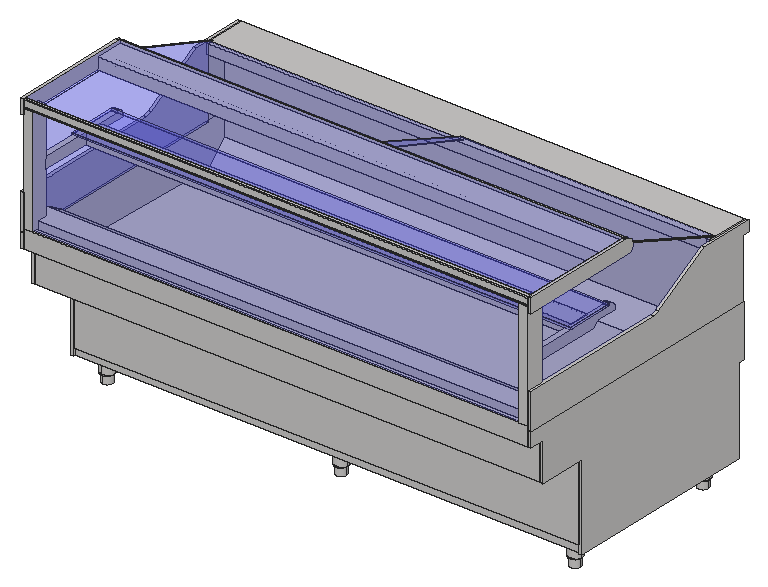
Revit family "Food-Service-Equipment_Oscartek_Dd2106-46H_cat", category Specialty Equipment, Revit 2026
Family settings
  Round Connector Dimension = Use Diameter
  Part Type = Normal
  Classification Number = 23.40.40.11.17
  Work Plane-Based = No
  Enable Cutting in Views = No
  Always vertical = Yes
  Cut with Voids When Loaded = No
  Maintain Annotation Orientation = No
  Shared = No
  Room Calculation Point = No
Parameters
  Width = 83 1/4"  # constant formula
  Weight in Pounds = 749
  Watts = 1085 W
  Waste Water Discharge Temperature [instance] = -459.67 °F
  Volts = 230 V
  URL Cutsheet = "www.oscartek.com"
  URL = "www.oscartek.com"
  Type Mark [instance] = ""
  Type Comments = "As Specified"
  Test Data = "http://www.oscartek.com/company/clients.php"
  Status [instance] = ""
  Specification by User [instance] = ""
  Specification by Manufacturer = ""
  Specification = "https://www.arcat.com/arcatcos/cos48/arc48760.html"
  Show Clearance [instance] = yes
  Serial Number = ""
  Seismic Rating = ""
  Sales Information = "http://www.oscartek.com/company/contact.php"
  SMACNA No = ""
  Revision Code [instance] = ""
  Revision = "R1_2018-10"
  Refrigerant Type [instance] = "R404A"
  Product Data = "http://www.oscartek.com/support/manuals/"
  Plumbing Remarks [instance] = ""
  Plumbing Connection Type [instance] = ""
  Phase = 1
  Omniclass Number and Title = ""
  Number of Poles [instance] = 1
  NAFEM Spec ID Number = ""
  Model = "DD2106-46H"
  Min Ckt Ampacity = 0 A
  Max Overcurrent Protection = 0 A
  Masterspec = ""
  Manufacturer Website = "http://www.oscartek.com/index.php"
  Manufacturer Phone - Toll Free = "855-885-2400"
  Manufacturer Phone = "650-342-2400"
  Manufacturer Fax = "650-342-7400"
  Manufacturer Address = "361 Beach Rd., Burlingame, CA 94010"
  Manufacturer = "OSCARTEK"
  Light Length = Width - 4"  # 79 1/4"
  Item Number [instance] = ""
  Installed By [instance] = ""
  Installation-Fabrication = "http://www.oscartek.com/support/manuals/"
  Indirect Waste Size = 1"  # constant formula
  Indirect Waste Flow [instance] = 0 GPM
  Indirect Waste Connection Type [instance] = ""
  Indirect Waste Connection Height = 0"
  Identify Quantity as Lot [instance] = yes
  HP = ""
  Green Building-LEED = "https://www.arcat.com/green/green_building.shtml"
  Furnished By [instance] = ""
  Foodservice Equipment Identifier [instance] = yes
  FL Amps = 8.2 A
  Electrical Remarks [instance] = ""
  Electric Connection Type [instance] = ""
  Elec Conn RI Height [instance] = 0"
  Elec Conn Connection Height [instance] = 0"
  Drawn By = "Sumex Design, Inc. / Robert S. Weygant, CSI, CDT, SCIP"
  Description = "DIAMOND DELI/PASTRY SHOWCASES"
  Default Elevation = 0"
  Cycle = 50 Hz
  Copyright = "©Arcat Inc."
  Construction Details = "http://www.oscartek.com/support/manuals/"
  Conn Plug = ""
  Conn Conduit = yes
  Category = ""
  CSI MasterFormat = "11 41 13"
  CSI Master Format = "Refrigerated Food Storage Cases"
  Building Codes = "https://www.arcat.com/arcatcos/cos48/arc48760.html"
  Body Finish [instance] = QF_Finishes_Stainless Steel
  Apparent Power = if(Phase = 3, Volts * FL Amps * 1.73, Volts * FL Amps)  # 1886 VA
Reference planes (in)
  plane 1 "BACK": y = 0
  plane 2: z = 0
  plane 3 "LEFT": x = 0
  plane 4 "RIGHT": x = 83.25
  plane 5 "FRONT": y = -44.25
  plane 6 "TOP": z = 45.99999
  plane 7 "Center Y": x = 41.625
  plane 8 "Center X": y = -22.125
  plane 9 "base": z = 17.92856
  plane 10: x = 1
  plane 11: x = 82.25
Forms (in)
  Extrusion 1, solid, material "QF_Finishes_Stainless Steel" <- "Body Finish"
    sketch origin (0, -44.25, 0) x (0, -1, 0) y (0, 0, -1)
      loop
        line (-2.31297, -17.92856) -> (-10.28174, -17.92856) -> (-10.28174, -5.22229) -> (-10.53174, -5.22229) -> (-10.53174, -3.97229) -> (-16.20099, -3.97229) -> (-16.20099, -5.22229) -> (-36.65227, -5.22229) -> (-36.65227, -3.97229) -> (-42.24423, -3.97229) -> (-42.24423, -5.22229) -> (-42.36829, -5.22229) -> (-42.36829, -17.92856) -> (-43.23446, -17.92856) -> (-43.23446, -36.17971) -> (-44.25, -36.17971) -> (-44.25, -37.95445) -> (-37.12476, -37.95445) -> (-37.12476, -36.28911) -> (-40.26039, -36.28911) -> (-40.8759, -35.6736) -> (-40.8759, -22.59092) -> (-37.69392, -19.40894) -> (-7.45443, -20.20633) -> (-7.45443, -26.70633) -> (-4.63984, -28.33133) -> (-0.97833, -28.33133) -> (-0.97833, -27.10344) -> (0, -27.10344) -> (0, -24.10344) -> (-2.31297, -24.10344) -> (-2.31297, -17.92856)
      loop
        line (-0.5528, -44.60986) -> (-0.5528, -46) -> (-0.12856, -46)
        arc (-0.12856, -46) -> (-0.03766, -45.96234) -> (0, -45.87143) r 0.12856
        line (0, -45.87143) -> (0, -44.78387)
        arc (0, -44.78387) -> (-0.05096, -44.66083) -> (-0.174, -44.60986) r 0.174
        line (-0.174, -44.60986) -> (-0.5528, -44.60986)
      loop
        line (-19.5564, -46) -> (-19.5564, -45.59411) -> (-15.11183, -45.59411) -> (-15.11183, -43.67954) -> (-15.61183, -43.67954) -> (-15.61183, -44.92954) -> (-18.0564, -44.92954) -> (-18.0564, -43.67954) -> (-19.5564, -43.67954)
        arc (-19.5564, -43.67954) -> (-20.71663, -44.83977) -> (-19.5564, -46) r 1.16023
    from 0.5 to 82.75
  Extrusion 2, solid, material "QF_Finishes_Stainless Steel" <- "Body Finish"
    sketch origin (0, -44.25, 0) x (0, -1, 0) y (0, 0, -1)
      loop
        line (-2.31297, -17.92856) -> (-10.28174, -17.92856) -> (-10.28174, -3.97229) -> (-42.36829, -3.97229) -> (-42.36829, -17.92856) -> (-43.23446, -17.92856) -> (-43.23446, -26.40315) -> (0, -26.40315) -> (0, -24.10344) -> (-2.31297, -24.10344) -> (-2.31297, -17.92856)
      loop
        line (-35.31011, -37.95445) -> (-26.08517, -32.62843)
        arc (-26.08517, -32.62843) -> (-25.6104, -32.43178) -> (-25.10092, -32.3647) r 1.9685
        line (-25.10092, -32.3647) -> (0, -32.3647) -> (0, -26.52815) -> (-43.22627, -26.52815) -> (-43.22627, -36.17971) -> (-44.25, -36.17971) -> (-44.25, -37.95445) -> (-35.31011, -37.95445)
    from 0 to 0.5
  Extrusion 3, solid, material "QF_Finishes_Stainless Steel" <- "Body Finish"
    sketch origin (0, -44.25, 0) x (0, -1, 0) y (0, 0, -1)
      loop
        line (0, -27.10344) -> (-2.74998, -27.10344) -> (-2.74998, -44.60986) -> (0, -44.60986) -> (0, -27.10344)
    from 0.5 to 2
  Extrusion 4, solid, material "QF_Finishes_Stainless Steel" <- "Body Finish"
    sketch origin (0, -44.25, 0) x (0, -1, 0) y (0, 0, -1)
      loop
        line (0, -46) -> (0, -43.67954) -> (-19.5564, -43.67954)
        arc (-19.5564, -43.67954) -> (-20.71663, -44.83977) -> (-19.5564, -46) r 1.16023
        line (-19.5564, -46) -> (0, -46)
    from 0 to 0.5
  Extrusion 5, solid, material "QF_Finishes_Stainless Steel" <- "Body Finish"
    sketch origin (83.25, 0, 0) x (0, 1, 0) y (0, 0, 1)
      loop
        line (-44.25, 46) -> (-44.25, 43.67954) -> (-24.6936, 43.67954)
        arc (-24.6936, 43.67954) -> (-23.53337, 44.83977) -> (-24.6936, 46) r 1.16023
        line (-24.6936, 46) -> (-44.25, 46)
    from 0 to -0.5
  Extrusion 6, solid, material "QF_Finishes_Stainless Steel" <- "Body Finish"
    sketch origin (44, -44.25, 0) x (0, -1, 0) y (0, 0, -1)
      loop
        line (0, -27.10344) -> (-2.74998, -27.10344) -> (-2.74998, -44.60986) -> (0, -44.60986) -> (0, -27.10344)
    from 38.75 to 37.25
  Extrusion 7, solid, material "Glass"
    sketch origin (0, -44.25, 0) x (1, 0, 0) y (0, 1, 0)
      loop
        line (2, 0) -> (81.25, 0) -> (81.25, 0.2764) -> (2, 0.2764) -> (2, 0)
    from 27.10344 to 44.60986
  Extrusion 8, solid, material "QF_Finishes_Stainless Steel" <- "Body Finish"
    sketch origin (83.25, 0, 0) x (0, 1, 0) y (0, 0, 1)
      loop
        line (-41.93703, 17.92856) -> (-33.96826, 17.92856) -> (-33.96826, 3.97229) -> (-1.88171, 3.97229) -> (-1.88171, 17.92856) -> (-1.01554, 17.92856) -> (-1.01554, 26.40315) -> (-44.25, 26.40315) -> (-44.25, 24.10344) -> (-41.93703, 24.10344) -> (-41.93703, 17.92856)
      loop
        line (-8.93989, 37.95445) -> (-18.16483, 32.62843)
        arc (-18.16483, 32.62843) -> (-18.6396, 32.43178) -> (-19.14908, 32.3647) r 1.9685
        line (-19.14908, 32.3647) -> (-44.25, 32.3647) -> (-44.25, 26.52815) -> (-1.02373, 26.52815) -> (-1.02373, 36.17971) -> (0, 36.17971) -> (0, 37.95445) -> (-8.93989, 37.95445)
    from 0 to -0.5
  Revolve 9, solid, material "QF_Finishes_Stainless Steel"
    sketch origin (3.5, -44.25, 0) x (0, -1, 0) y (0, 0, -1)
      loop
        line (-13.37229, 0) -> (-13.37229, -3.97229) -> (-12.18681, -3.97229) -> (-12.18681, -3.77531) -> (-12.27584, -3.77531) -> (-12.27584, -1.45503)
        arc (-12.27584, -1.45503) -> (-12.32001, -1.34838) -> (-12.42666, -1.30421) r 0.15082
        line (-12.42666, -1.30421) -> (-12.50615, -1.30421) -> (-12.50615, 0) -> (-13.37229, 0)
      axis (-13.37229, -3.97229) -> (-13.37229, 0)
    angle from 0 to 360
  Revolve 10, solid, material "QF_Finishes_Stainless Steel"
    sketch origin (3.5, -18.18706, 0) x (0, -1, 0) y (0, 0, -1)
      loop
        line (-13.37229, 0) -> (-13.37229, -3.97229) -> (-12.18681, -3.97229) -> (-12.18681, -3.77531) -> (-12.27584, -3.77531) -> (-12.27584, -1.45503)
        arc (-12.27584, -1.45503) -> (-12.32001, -1.34838) -> (-12.42666, -1.30421) r 0.15082
        line (-12.42666, -1.30421) -> (-12.50615, -1.30421) -> (-12.50615, 0) -> (-13.37229, 0)
      axis (-13.37229, -3.97229) -> (-13.37229, 0)
    angle from 0 to 360
  Revolve 11, solid, material "QF_Finishes_Stainless Steel"
    sketch origin (53.87229, -30.87771, 0) x (1, 0, 0) y (0, 0, 1)
      loop
        line (25.87771, 0) -> (26.74385, 0) -> (26.74385, 1.30421) -> (26.82334, 1.30421)
        arc (26.82334, 1.30421) -> (26.92999, 1.34838) -> (26.97416, 1.45503) r 0.15082
        line (26.97416, 1.45503) -> (26.97416, 3.77531) -> (27.06319, 3.77531) -> (27.06319, 3.97229) -> (25.87771, 3.97229) -> (25.87771, 0)
      axis (25.87771, 3.97229) -> (25.87771, 0)
    angle from 0 to 360
  Revolve 12, solid, material "QF_Finishes_Stainless Steel"
    sketch origin (53.87229, -4.81477, 0) x (1, 0, 0) y (0, 0, 1)
      loop
        line (25.87771, 0) -> (26.74385, 0) -> (26.74385, 1.30421) -> (26.82334, 1.30421)
        arc (26.82334, 1.30421) -> (26.92999, 1.34838) -> (26.97416, 1.45503) r 0.15082
        line (26.97416, 1.45503) -> (26.97416, 3.77531) -> (27.06319, 3.77531) -> (27.06319, 3.97229) -> (25.87771, 3.97229) -> (25.87771, 0)
      axis (25.87771, 3.97229) -> (25.87771, 0)
    angle from 0 to 360
  Extrusion 13, solid, material "Glass"
    sketch origin (0, -44.25, 0) x (0, -1, 0) y (0, 0, -1)
      loop
        line (-0.5528, -46) -> (-0.5528, -45.59411) -> (-19.5564, -45.59411) -> (-19.5564, -46) -> (-0.5528, -46)
    from 0.5 to 82.75
  Extrusion 14, solid, material "QF_Finishes_Black"
    sketch origin (0, -1.88171, 5.22229) x (0, 0, 1) y (1, 0, 0)
      loop
        line (1.08103, 75.46488) -> (11.08103, 75.46488) -> (11.08103, 76.96488) -> (1.08103, 76.96488) -> (1.08103, 75.46488)
      loop
        line (11.08103, 73.71488) -> (11.08103, 75.21488) -> (1.08103, 75.21488) -> (1.08103, 73.71488) -> (11.08103, 73.71488)
      loop
        line (11.08103, 71.96488) -> (11.08103, 73.46488) -> (1.08103, 73.46488) -> (1.08103, 71.96488) -> (11.08103, 71.96488)
      loop
        line (11.08103, 70.21488) -> (11.08103, 71.71488) -> (1.08103, 71.71488) -> (1.08103, 70.21488) -> (11.08103, 70.21488)
      loop
        line (11.08103, 68.46488) -> (11.08103, 69.96488) -> (1.08103, 69.96488) -> (1.08103, 68.46488) -> (11.08103, 68.46488)
      loop
        line (11.08103, 66.71488) -> (11.08103, 68.21488) -> (1.08103, 68.21488) -> (1.08103, 66.71488) -> (11.08103, 66.71488)
      loop
        line (11.08103, 64.96488) -> (11.08103, 66.46488) -> (1.08103, 66.46488) -> (1.08103, 64.96488) -> (11.08103, 64.96488)
      loop
        line (11.08103, 63.21488) -> (11.08103, 64.71488) -> (1.08103, 64.71488) -> (1.08103, 63.21488) -> (11.08103, 63.21488)
      loop
        line (11.08103, 61.46488) -> (11.08103, 62.96488) -> (1.08103, 62.96488) -> (1.08103, 61.46488) -> (11.08103, 61.46488)
      loop
        line (11.08103, 59.71488) -> (11.08103, 61.21488) -> (1.08103, 61.21488) -> (1.08103, 59.71488) -> (11.08103, 59.71488)
      loop
        line (11.08103, 57.96488) -> (11.08103, 59.46488) -> (1.08103, 59.46488) -> (1.08103, 57.96488) -> (11.08103, 57.96488)
      loop
        line (11.08103, 56.21488) -> (11.08103, 57.71488) -> (1.08103, 57.71488) -> (1.08103, 56.21488) -> (11.08103, 56.21488)
    from 0 to 0.03125
  Extrusion 15, solid, material "QF_Finishes_Door Clearance", visible <- "Show Clearance", detail levels coarse
    sketch origin (0, -44.25, 0) x (0, -1, 0) y (0, 0, -1)
      loop
        line (17.50642, -27.10344) -> (0, -27.10344) -> (0, -44.60986)
        arc (0, -44.60986) -> (12.37891, -39.48235) -> (17.50642, -27.10344) r 17.50642
    from 0.5 to 82.75
  Extrusion 16, solid, material "QF_Finishes_Stainless Steel"
    sketch origin (0, -44.25, 17.92856) x (-1, 0, 0) y (0, -1, 0)
      loop
        circle (-5.75, -36.79348) r 0.5
      loop
        circle (-77.5, -36.79348) r 0.5
    from 0 to -1
  Extrusion 17, solid, material "QF_Finishes_Stainless Steel" <- "Body Finish"
    sketch origin (0, -44.25, 0) x (0, -1, 0) y (0, 0, -1)
      loop
        line (-2.74998, -35.08466) -> (-13.82063, -35.08466)
        arc (-13.82063, -35.08466) -> (-13.97129, -35.11463) -> (-14.09902, -35.19998) r 0.3937
        line (-14.09902, -35.19998) -> (-14.65579, -35.75675)
        arc (-14.65579, -35.75675) -> (-14.78352, -35.8421) -> (-14.93418, -35.87206) r 0.3937
        line (-14.93418, -35.87206) -> (-18.35113, -35.87206)
        arc (-18.35113, -35.87206) -> (-18.18116, -36.72072) -> (-17.49636, -37.25001) r 1.23649
        line (-17.49636, -37.25001) -> (-17.3307, -37.25001) -> (-17.3307, -36.85631) -> (-2.74998, -36.85631) -> (-2.74998, -35.08466)
    from 1 to 2
  Extrusion 18, solid, material "QF_Finishes_Stainless Steel" <- "Body Finish"
    sketch origin (82.25, -180, 44.05288) x (0, 0, -1) y (0, 1, 0)
      loop
        line (8.96822, 138.49998) -> (8.96822, 149.57063)
        arc (8.96822, 149.57063) -> (8.93825, 149.72129) -> (8.85291, 149.84902) r 0.3937
        line (8.85291, 149.84902) -> (8.29613, 150.40579)
        arc (8.29613, 150.40579) -> (8.21079, 150.53352) -> (8.18082, 150.68418) r 0.3937
        line (8.18082, 150.68418) -> (8.18082, 154.10113)
        arc (8.18082, 154.10113) -> (7.33217, 153.93116) -> (6.80287, 153.24636) r 1.23649
        line (6.80287, 153.24636) -> (6.80287, 153.0807) -> (7.19657, 153.0807) -> (7.19657, 138.49998) -> (8.96822, 138.49998)
    from 0 to -1
  Extrusion 19, solid, material "Glass"
    sketch origin (0, -44.25, 0) x (0, -1, 0) y (0, 0, -1)
      loop
        line (-9.24016, -37.25001) -> (-9.24016, -36.85631) -> (-17.31101, -36.85631) -> (-17.31101, -37.25001) -> (-9.24016, -37.25001)
    from 1 to 82.25
  Extrusion 20, solid, material "QF_Finishes_Stainless Steel" <- "Body Finish"
    sketch origin (0, -44.25, 0) x (0, -1, 0) y (0, 0, -1)
      loop
        line (-13.91788, -36.85631) -> (-10.80814, -36.85631) -> (-10.80814, -35.08466) -> (-10.93314, -35.08466) -> (-10.93314, -36.73131) -> (-13.79288, -36.73131) -> (-13.79288, -35.08466) -> (-13.91788, -35.08466) -> (-13.91788, -36.85631)
    from 2 to 81.25
  Extrusion 21, solid, material "QF_Finishes_Stainless Steel"
    sketch origin (-15.125, -1.88171, 5.22229) x (0, 0, 1) y (-1, 0, 0)
      loop
        line (12.70627, -59.6062) -> (11.20627, -59.6062) -> (11.20627, -65.6062) -> (12.70627, -65.6062) -> (12.70627, -59.6062)
    from 0 to -1
  Extrusion 22, solid, material "Glass"
    sketch origin (44, -44.25, 0) x (0, -1, 0) y (0, 0, 1)
      loop
        line (-20.70992, 44.96435) -> (-38.26035, 38.10722) -> (-38.20304, 37.96053) -> (-20.71601, 44.80186)
        arc (-20.71601, 44.80186) -> (-20.71582, 44.88321) -> (-20.70992, 44.96435) r 1.16023
    from -38.75 to 2.875
  Extrusion 23, solid, material "Glass"
    sketch origin (0, -44.25, 0) x (0, -1, 0) y (0, 0, 1)
      loop
        line (-2.74998, 43.67954) -> (-19.5564, 43.67954)
        arc (-19.5564, 43.67954) -> (-20.14761, 43.84147) -> (-20.5738, 44.28206) r 1.16023
        line (-20.5738, 44.28206) -> (-38.07788, 37.95445) -> (-37.12476, 37.95445) -> (-37.12476, 26.42856) -> (-7.45443, 26.42856) -> (-7.45443, 26.70633) -> (-4.63984, 28.33133) -> (-2.74998, 28.33133) -> (-2.74998, 43.67954)
    from -0.5 to -1
  Extrusion 24, solid, material "Glass"
    sketch origin (0, -44.25, 0) x (0, -1, 0) y (0, 0, 1)
      loop
        line (-20.5738, 44.28206) -> (-37.65129, 38.10866) -> (-37.59776, 37.96056) -> (-20.48648, 44.14617)
        arc (-20.48648, 44.14617) -> (-20.53251, 44.2126) -> (-20.5738, 44.28206) r 1.16023
    from -0.5 to -42.125
  Extrusion 25, solid, material "Glass"
    sketch origin (82.25, -180, 44.05288) x (0, 0, -1) y (0, 1, 0)
      loop
        line (0.37334, 138.49998) -> (15.72156, 138.49998) -> (15.72156, 140.38984) -> (17.34656, 143.20443) -> (17.62432, 143.20443) -> (17.62432, 172.87476) -> (6.09843, 172.87476) -> (6.09843, 173.96858) -> (-0.74897, 156.46601)
        arc (-0.74897, 156.46601) -> (0.04682, 156.11329) -> (0.37334, 155.3064) r 1.16023
        line (0.37334, 155.3064) -> (0.37334, 138.49998)
    from 0.5 to 0
  Revolve 26, solid, material "QF_Finishes_Stainless Steel"
    sketch origin (15.74729, -30.87771, 0) x (1, 0, 0) y (0, 0, 1)
      loop
        line (25.87771, 0) -> (26.74385, 0) -> (26.74385, 1.30421) -> (26.82334, 1.30421)
        arc (26.82334, 1.30421) -> (26.92999, 1.34838) -> (26.97416, 1.45503) r 0.15082
        line (26.97416, 1.45503) -> (26.97416, 3.77531) -> (27.06319, 3.77531) -> (27.06319, 3.97229) -> (25.87771, 3.97229) -> (25.87771, 0)
      axis (25.87771, 3.97229) -> (25.87771, 0)
    angle from 0 to 360
  Revolve 27, solid, material "QF_Finishes_Stainless Steel"
    sketch origin (15.74729, -4.81477, 0) x (1, 0, 0) y (0, 0, 1)
      loop
        line (25.87771, 0) -> (26.74385, 0) -> (26.74385, 1.30421) -> (26.82334, 1.30421)
        arc (26.82334, 1.30421) -> (26.92999, 1.34838) -> (26.97416, 1.45503) r 0.15082
        line (26.97416, 1.45503) -> (26.97416, 3.77531) -> (27.06319, 3.77531) -> (27.06319, 3.97229) -> (25.87771, 3.97229) -> (25.87771, 0)
      axis (25.87771, 3.97229) -> (25.87771, 0)
    angle from 0 to 360
Lines and regions (in)
  Split face 1
    outline origin (-15.125, -0.88171, 5.22229) x (0, 0, 1) y (-1, 0, 0)
      loop
        line (12.34422, -60.76577) -> (11.59422, -60.76577) -> (11.59422, -64.76577) -> (12.34422, -64.76577) -> (12.34422, -60.76577)
  symbolic lines
    curve 1: line (0, -44.25, 0) -> (83.25, -44.25, 0)
    curve 2: line (0, 0, 0) -> (0, -44.25, 0)
    curve 3: line (83.25, -44.25, 0) -> (83.25, 0, 0)
    curve 4: line (82.75, 0, 0) -> (82.75, -44.25, 0)
    curve 5: line (0.5, -44.25, 0) -> (0.5, 0, 0)
    curve 6: line (0.5, -6.59871, 0) -> (41.125, -6.59871, 0)
    curve 7: line (41.125, -5.98965, 0) -> (41.125, -23.53337, 0)
    curve 8: line (41.125, -5.98965, 0) -> (82.75, -5.98965, 0)
    curve 9: line (0, -23.53337, 0) -> (83.25, -23.53337, 0)
    curve 10: line (0.5, -24.7561, 0) -> (82.75, -24.7561, 0)
    curve 11: line (0.5, -43.6537, 0) -> (82.75, -43.6537, 0)
    curve 12: line (0, 0, 0) -> (83.25, 0, 0)
  symbolic lines, style "QF-Door Swings"
    curve 13: line (82.75, -61.87838, 0) -> (0.5, -61.87838, 0)
    curve 14: line (0.5, -61.87838, 0) -> (0.5, -44.25, 0)
    curve 15: line (82.75, -44.25, 0) -> (82.75, -61.87838, 0)
  symbolic lines, style "QF-Surface Details"
    curve 16: line (16.48362, -16.5042, 0) -> (19.6656, -13.32221, 0)
    curve 17: line (16.15315, -17.94487, 0) -> (21.1029, -12.99513, 0)
    curve 18: line (17.74583, -17.76641, 0) -> (21.10459, -14.40765, 0)
    curve 19: line (61.11586, -16.5042, 0) -> (64.29784, -13.32221, 0)
    curve 20: line (60.7854, -17.94487, 0) -> (65.73514, -12.99513, 0)
    curve 21: line (62.37808, -17.76641, 0) -> (65.73683, -14.40765, 0)
    curve 22: line (16.48362, -34.5042, 0) -> (19.6656, -31.32221, 0)
    curve 23: line (16.15315, -35.94487, 0) -> (21.1029, -30.99513, 0)
    curve 24: line (17.74583, -35.76641, 0) -> (21.10459, -32.40765, 0)
    curve 25: line (60.91116, -34.5042, 0) -> (64.09314, -31.32221, 0)
    curve 26: line (60.58069, -35.94487, 0) -> (65.53044, -30.99513, 0)
    curve 27: line (62.17337, -35.76641, 0) -> (65.53213, -32.40765, 0)
    curve 28: line (39.48059, -34.5042, 0) -> (42.66257, -31.32221, 0)
    curve 29: line (39.15013, -35.94487, 0) -> (44.09987, -30.99513, 0)
    curve 30: line (40.74281, -35.76641, 0) -> (44.10156, -32.40765, 0)
Dimensions and locks (in)
  equal spacing: plane 3 "LEFT", plane 7 "Center Y", plane 4 "RIGHT"
  "Width": plane 3 "LEFT" to plane 4 "RIGHT"
  equal spacing: plane 5 "FRONT", plane 8 "Center X", plane 1 "BACK"
  plane 5 "FRONT" to plane 1 "BACK" = 44 1/4"
  Extrusion 21 sketch curve to Extrusion 21 sketch curve to plane 4 "RIGHT" = 6" locked, 32.7688" locked
  locked: plane 3 "LEFT" to plane 10 at 1
  locked: plane 4 "RIGHT" to plane 11 at 1
  plane 4 "RIGHT" to Extrusion 6 to Extrusion 6 = 1/2" locked, 1 1/2" locked
  Extrusion 3 to Extrusion 3 to plane 3 "LEFT" = 1 1/2" locked, 1/2" locked
  Extrusion 22 to plane 7 "Center Y" to Extrusion 24 = 1/2" locked, 1/2" locked
  plane 6 "TOP" to level = 46"
  aligned and locked: level to plane 2
  aligned and locked: Extrusion 15 to Extrusion 6
  aligned and locked: Extrusion 6 to Extrusion 22
  aligned and locked: Extrusion 1 to Extrusion 6
  aligned and locked: plane 11 to Extrusion 19
  aligned and locked: Extrusion 6 to Extrusion 13
  aligned and locked: nested 1 to plane 7 "Center Y"
  aligned and locked: nested 2 to plane 7 "Center Y"
  aligned and locked: Extrusion 20 to Extrusion 6
Automatic sketch dimensions
  curve 1 to plane 3 "LEFT" = 0"
  plane 5 "FRONT" to curve 5 = 0"
  plane 1 "BACK" to curve 5 = 0"
  curve 3 to plane 4 "RIGHT" = 0"
  plane 3 "LEFT" to curve 14 = 1/2"
  plane 3 "LEFT" to curve 11 = 1/2"
  curve 8 to plane 7 "Center Y" = 1/2"
  curve 4 to plane 4 "RIGHT" = 1/2"
  curve 15 to curve 4 = 0"
  plane 5 "FRONT" to curve 13 = 17.62838"
  curve 11 to plane 5 "FRONT" = 0.5963"
  curve 10 to plane 8 "Center X" = 2.6311"
  curve 10 to curve 9 = 1.22273"
  curve 6 to curve 5 = 6.59871"
  curve 6 to curve 7 = 0.60905"
  Extrusion 1 sketch curve to plane 1 "BACK" = 0"
  Extrusion 1 sketch curve to plane 9 "base" = 0"  (x2)
  Extrusion 1 sketch curve to plane 5 "FRONT" = 0"  (x2)
  Extrusion 1 sketch curve to Extrusion 1 sketch curve = 1.01554"
  Extrusion 1 sketch curve to Extrusion 1 sketch curve = 0.86617"
  Extrusion 1 sketch curve to Extrusion 1 sketch curve = 0.12406"
  plane 1 "BACK" to Extrusion 1 sketch curve = 3.3741"
  Extrusion 1 sketch curve to Extrusion 1 sketch curve = 0.6155"  (x2)
  plane 9 "base" to Extrusion 1 sketch curve = 1.48038"
  Extrusion 1 sketch curve to Extrusion 1 sketch curve = 3.18198"  (x2)
  Extrusion 1 sketch curve to Extrusion 1 sketch curve = 3.13563"
  Extrusion 1 sketch curve to Extrusion 1 sketch curve = 5.59196"
  Extrusion 1 sketch curve to plane 8 "Center X" = 2.5686"
  Extrusion 1 sketch curve to Extrusion 1 sketch curve = 1 1/2"
  Extrusion 1 sketch curve to plane 8 "Center X" = 5.92401"
  Extrusion 1 sketch curve to Extrusion 1 sketch curve = 2.44457"
  Extrusion 1 sketch curve to Extrusion 1 sketch curve = 1/2"
  Extrusion 1 sketch curve to Extrusion 1 sketch curve = 5.66925"
  Extrusion 1 sketch curve to plane 5 "FRONT" = 10.28174"
  plane 9 "base" to Extrusion 1 sketch curve = 2.27777"
  Extrusion 1 sketch curve to Extrusion 1 sketch curve = 2.82731"
  Extrusion 1 sketch curve to Extrusion 1 sketch curve = 2.81458"
  Extrusion 1 sketch curve to Extrusion 1 sketch curve = 2.31297"
  Extrusion 1 sketch curve to plane 5 "FRONT" = 0.97833"
  Extrusion 1 sketch curve to plane 5 "FRONT" = 0.5528"
  Extrusion 1 sketch curve to plane 5 "FRONT" = 0.174"
  Extrusion 1 sketch curve to plane 5 "FRONT" = 0.12856"
  Extrusion 1 sketch curve to Extrusion 1 sketch curve = 6.17488"
  Extrusion 1 sketch curve to Extrusion 1 sketch curve = 2.60288"
  Extrusion 1 sketch curve to Extrusion 1 sketch curve = 3"
  Extrusion 1 sketch curve to Extrusion 1 sketch curve = 1 5/8"
  Extrusion 1 sketch curve to Extrusion 1 sketch curve = 13.08268"
  Extrusion 1 sketch curve to Extrusion 1 sketch curve = 0.50611"
  Extrusion 1 sketch curve to Extrusion 1 sketch curve = 1.77474"
  Extrusion 1 sketch curve to Extrusion 1 sketch curve = 5.72508"
  Extrusion 1 sketch curve to Extrusion 1 sketch curve = 0"
  Extrusion 1 sketch curve to Extrusion 1 sketch curve = 0.93033"
  Extrusion 1 sketch curve to Extrusion 1 sketch curve = 1.16023"
  Extrusion 1 sketch curve to Extrusion 1 sketch curve = 1 1/4"  (x3)
  Extrusion 1 sketch curve to Extrusion 1 sketch curve = 0.66458"
  Extrusion 1 sketch curve to Extrusion 1 sketch curve = 1.08757"
  level to Extrusion 1 sketch curve = 5.22229"  (x3)
  Extrusion 2 sketch curve to plane 1 "BACK" = 0"
  Extrusion 2 sketch curve to plane 9 "base" = 0"  (x2)
  Extrusion 2 sketch curve to plane 5 "FRONT" = 0"  (x2)
  plane 1 "BACK" to Extrusion 2 sketch curve = 1.01554"
  Extrusion 2 sketch curve to Extrusion 2 sketch curve = 0.00819"
  plane 1 "BACK" to Extrusion 2 sketch curve = 1.88171"
  Extrusion 2 sketch curve to Extrusion 2 sketch curve = 7.91616"
  plane 8 "Center X" to Extrusion 2 sketch curve = 3.96017"
  Extrusion 2 sketch curve to Extrusion 2 sketch curve = 0.98425"
  level to Extrusion 2 sketch curve = 3.97229"
  Extrusion 2 sketch curve to plane 5 "FRONT" = 10.28174"
  Extrusion 2 sketch curve to plane 5 "FRONT" = 2.31297"
  Extrusion 2 sketch curve to Extrusion 2 sketch curve = 6.17488"
  Extrusion 2 sketch curve to Extrusion 2 sketch curve = 2.29971"
  Extrusion 2 sketch curve to Extrusion 2 sketch curve = 1/8"
  Extrusion 2 sketch curve to Extrusion 2 sketch curve = 5.83655"
  Extrusion 2 sketch curve to Extrusion 2 sketch curve = 0.26373"
  Extrusion 2 sketch curve to Extrusion 2 sketch curve = 9.65156"
  Extrusion 2 sketch curve to Extrusion 2 sketch curve = 1.77474"
  Extrusion 3 sketch curve to plane 5 "FRONT" = 0"
  Extrusion 3 sketch curve to plane 5 "FRONT" = 2.74998"
  plane 9 "base" to Extrusion 3 sketch curve = 26.6813"
  plane 9 "base" to Extrusion 3 sketch curve = 9.17488"
  Extrusion 4 sketch curve to plane 5 "FRONT" = 0"
  Extrusion 4 sketch curve to plane 8 "Center X" = 2.5686"
  plane 9 "base" to Extrusion 4 sketch curve = 28.07144"
  Extrusion 4 sketch curve to Extrusion 4 sketch curve = 1.16023"
  Extrusion 5 sketch curve to plane 5 "FRONT" = 0"
  Extrusion 5 sketch curve to plane 8 "Center X" = 2.5686"
  plane 9 "base" to Extrusion 5 sketch curve = 25.75097"
  Extrusion 5 sketch curve to Extrusion 5 sketch curve = 1.16023"
  Extrusion 6 sketch curve to plane 5 "FRONT" = 0"
  Extrusion 6 sketch curve to plane 5 "FRONT" = 2.74998"
  plane 9 "base" to Extrusion 6 sketch curve = 26.6813"
  plane 9 "base" to Extrusion 6 sketch curve = 9.17488"
  plane 5 "FRONT" to Extrusion 7 sketch curve = 0"
  plane 5 "FRONT" to Extrusion 7 sketch curve = 0.2764"
  plane 10 to Extrusion 7 sketch curve = 1"
  plane 11 to Extrusion 7 sketch curve = 1"
  Extrusion 8 sketch curve to plane 5 "FRONT" = 0"  (x2)
  Extrusion 8 sketch curve to plane 9 "base" = 0"  (x2)
  Extrusion 8 sketch curve to plane 1 "BACK" = 0"
  Extrusion 8 sketch curve to plane 5 "FRONT" = 2.31297"
  level to Extrusion 8 sketch curve = 3.97229"
  Extrusion 8 sketch curve to plane 5 "FRONT" = 10.28174"
  plane 8 "Center X" to Extrusion 8 sketch curve = 2.97592"
  Extrusion 8 sketch curve to Extrusion 8 sketch curve = 0.98425"
  Extrusion 8 sketch curve to Extrusion 8 sketch curve = 8.93989"
  plane 1 "BACK" to Extrusion 8 sketch curve = 1.88171"
  plane 1 "BACK" to Extrusion 8 sketch curve = 1.02373"
  Extrusion 8 sketch curve to Extrusion 8 sketch curve = 0.86617"
  plane 9 "base" to Extrusion 8 sketch curve = 6.17488"
  Extrusion 8 sketch curve to Extrusion 8 sketch curve = 2.29971"
  Extrusion 8 sketch curve to Extrusion 8 sketch curve = 1/8"
  plane 9 "base" to Extrusion 8 sketch curve = 14.43614"
  Extrusion 8 sketch curve to Extrusion 8 sketch curve = 0.26373"
  Extrusion 8 sketch curve to Extrusion 8 sketch curve = 9.65156"
  Extrusion 8 sketch curve to Extrusion 8 sketch curve = 1.77474"
  Revolve 9 sketch curve to level = 0"
  Revolve 9 sketch curve to plane 8 "Center X" = 8.75271"
  Revolve 9 sketch curve to Revolve 9 sketch curve = 0"
  Revolve 9 sketch curve to Revolve 9 sketch curve = 0.86614"
  Revolve 9 sketch curve to Revolve 9 sketch curve = 0.07949"
  Revolve 9 sketch curve to Revolve 9 sketch curve = 1.09644"
  Revolve 9 sketch curve to Revolve 9 sketch curve = 0.08904"
  level to Revolve 9 sketch curve = 1.30421"
  Revolve 9 sketch curve to Revolve 9 sketch curve = 1.40035"
  Revolve 9 sketch curve to Revolve 9 sketch curve = 0.91993"
  Revolve 9 sketch curve to Revolve 9 sketch curve = 0.19698"
  Revolve 9 sketch curve to Revolve 9 sketch curve = 0.14462"
  Revolve 10 sketch curve to level = 0"
  plane 1 "BACK" to Revolve 10 sketch curve = 4.81477"
  Revolve 10 sketch curve to Revolve 10 sketch curve = 0"
  Revolve 10 sketch curve to Revolve 10 sketch curve = 0.86614"
  Revolve 10 sketch curve to Revolve 10 sketch curve = 0.07949"
  Revolve 10 sketch curve to Revolve 10 sketch curve = 1.09644"
  Revolve 10 sketch curve to Revolve 10 sketch curve = 0.08904"
  level to Revolve 10 sketch curve = 1.30421"
  Revolve 10 sketch curve to Revolve 10 sketch curve = 1.40035"
  Revolve 10 sketch curve to Revolve 10 sketch curve = 0.91993"
  Revolve 10 sketch curve to Revolve 10 sketch curve = 0.19698"
  Revolve 10 sketch curve to Revolve 10 sketch curve = 0.14462"
  Revolve 11 sketch curve to level = 0"
  Revolve 11 sketch curve to plane 11 = 2 1/2"
  Revolve 11 sketch curve to Revolve 11 sketch curve = 0"
  Revolve 11 sketch curve to Revolve 11 sketch curve = 0.86614"
  Revolve 11 sketch curve to Revolve 11 sketch curve = 0.07949"
  Revolve 11 sketch curve to Revolve 11 sketch curve = 1.09644"
  Revolve 11 sketch curve to Revolve 11 sketch curve = 0.08904"
  Revolve 11 sketch curve to Revolve 11 sketch curve = 0.14462"
  level to Revolve 11 sketch curve = 1.30421"
  Revolve 11 sketch curve to Revolve 11 sketch curve = 1.40035"
  Revolve 11 sketch curve to Revolve 11 sketch curve = 0.91993"
  Revolve 11 sketch curve to Revolve 11 sketch curve = 0.19698"
  Revolve 12 sketch curve to level = 0"
  Revolve 12 sketch curve to plane 11 = 2 1/2"
  Revolve 12 sketch curve to Revolve 12 sketch curve = 0"
  Revolve 12 sketch curve to Revolve 12 sketch curve = 0.86614"
  Revolve 12 sketch curve to Revolve 12 sketch curve = 0.07949"
  Revolve 12 sketch curve to Revolve 12 sketch curve = 1.09644"
  Revolve 12 sketch curve to Revolve 12 sketch curve = 0.08904"
  Revolve 12 sketch curve to Revolve 12 sketch curve = 0.14462"
  level to Revolve 12 sketch curve = 1.30421"
  Revolve 12 sketch curve to Revolve 12 sketch curve = 1.40035"
  Revolve 12 sketch curve to Revolve 12 sketch curve = 0.91993"
  Revolve 12 sketch curve to Revolve 12 sketch curve = 0.19698"
  Extrusion 13 sketch curve to plane 8 "Center X" = 2.5686"
  Extrusion 13 sketch curve to plane 5 "FRONT" = 0.5528"
  plane 9 "base" to Extrusion 13 sketch curve = 28.07144"
  Extrusion 13 sketch curve to Extrusion 13 sketch curve = 0.40588"
  Extrusion 15 sketch curve to plane 5 "FRONT" = 0"
  Extrusion 15 sketch curve to Extrusion 15 sketch curve = 17.50642"
  plane 9 "base" to Extrusion 15 sketch curve = 26.6813"
  Extrusion 16 sketch curve to plane 11 = 4 3/4"
  Extrusion 16 sketch curve to plane 10 = 4 3/4"
  plane 1 "BACK" to Extrusion 16 sketch curve = 7.45652"  (x2)
  Extrusion 17 sketch curve to plane 8 "Center X" = 3.77387"
  Extrusion 17 sketch curve to Extrusion 17 sketch curve = 0.85477"
  Extrusion 17 sketch curve to Extrusion 17 sketch curve = 0.16566"
  Extrusion 17 sketch curve to Extrusion 17 sketch curve = 0.20029"
  Extrusion 17 sketch curve to Extrusion 17 sketch curve = 2.19623"
  Extrusion 17 sketch curve to Extrusion 17 sketch curve = 0.27839"  (x4)
  Extrusion 17 sketch curve to Extrusion 17 sketch curve = 0.55678"
  Extrusion 17 sketch curve to plane 5 "FRONT" = 2.74998"
  plane 9 "base" to Extrusion 17 sketch curve = 19.32145"
  Extrusion 17 sketch curve to Extrusion 17 sketch curve = 0.3937"
  Extrusion 17 sketch curve to Extrusion 17 sketch curve = 0.7874"
  Extrusion 17 sketch curve to Extrusion 17 sketch curve = 0.11531"
  plane 8 "Center X" to Extrusion 18 sketch curve = 4.62864"
  Extrusion 18 sketch curve to plane 9 "base" = 19.32145"
  Extrusion 18 sketch curve to Extrusion 18 sketch curve = 0.3937"  (x2)
  Extrusion 18 sketch curve to Extrusion 18 sketch curve = 0.7874"
  Extrusion 18 sketch curve to Extrusion 18 sketch curve = 0.19685"
  plane 8 "Center X" to Extrusion 18 sketch curve = 7.46921"
  Extrusion 18 sketch curve to Extrusion 18 sketch curve = 0.11531"  (x2)
  Extrusion 18 sketch curve to Extrusion 18 sketch curve = 0.27839"  (x2)
  Extrusion 18 sketch curve to Extrusion 18 sketch curve = 0.85477"
  Extrusion 18 sketch curve to Extrusion 18 sketch curve = 0.16566"
  Extrusion 18 sketch curve to Extrusion 18 sketch curve = 0.55678"
  plane 5 "FRONT" to Extrusion 18 sketch curve = 2.74998"
  Extrusion 19 sketch curve to plane 8 "Center X" = 4.81399"
  Extrusion 19 sketch curve to Extrusion 19 sketch curve = 8.07085"
  plane 9 "base" to Extrusion 19 sketch curve = 19.32145"
  Extrusion 19 sketch curve to Extrusion 19 sketch curve = 0.3937"
  Extrusion 20 sketch curve to plane 8 "Center X" = 8.20712"
  Extrusion 20 sketch curve to Extrusion 20 sketch curve = 1/8"  (x3)
  Extrusion 20 sketch curve to Extrusion 20 sketch curve = 2.85974"
  plane 9 "base" to Extrusion 20 sketch curve = 18.92775"
  Extrusion 20 sketch curve to Extrusion 20 sketch curve = 1.64665"  (x2)
  Extrusion 21 sketch curve to plane 9 "base" = 0"
  Extrusion 21 sketch curve to Extrusion 21 sketch curve = 1 1/2"
  Split face 1 sketch curve to Extrusion 21 = 0.38795"
  Split face 1 sketch curve to Extrusion 21 = 0.36205"
  Split face 1 sketch curve to Extrusion 21 = 0.84043"
  Split face 1 sketch curve to Extrusion 21 = 1.15957"
  plane 1 "BACK" to Extrusion 22 sketch curve = 5.98965"
  Extrusion 22 sketch curve to Extrusion 22 sketch curve = 0.05731"
  Extrusion 22 sketch curve to plane 8 "Center X" = 1.40899"
  Extrusion 22 sketch curve to Extrusion 22 sketch curve = 0.00609"
  Extrusion 22 sketch curve to Extrusion 22 sketch curve = 1.15961"
  plane 9 "base" to Extrusion 22 sketch curve = 20.03197"
  Extrusion 22 sketch curve to Extrusion 22 sketch curve = 0.14668"
  Extrusion 22 sketch curve to Extrusion 22 sketch curve = 0.16249"
  plane 1 "BACK" to Extrusion 23 sketch curve = 6.17212"
  Extrusion 23 sketch curve to Extrusion 23 sketch curve = 61/64"
  Extrusion 23 sketch curve to plane 8 "Center X" = 1.5512"
  Extrusion 23 sketch curve to Extrusion 23 sketch curve = 1.0174"
  Extrusion 23 sketch curve to plane 5 "FRONT" = 7.45443"
  Extrusion 23 sketch curve to Extrusion 23 sketch curve = 2.81458"
  Extrusion 23 sketch curve to plane 5 "FRONT" = 2.74998"
  plane 9 "base" to Extrusion 23 sketch curve = 8 1/2"
  Extrusion 23 sketch curve to Extrusion 23 sketch curve = 0.27777"
  Extrusion 23 sketch curve to Extrusion 23 sketch curve = 1 5/8"
  Extrusion 23 sketch curve to Extrusion 23 sketch curve = 11.52589"
  Extrusion 23 sketch curve to Extrusion 23 sketch curve = 15.34821"
  Extrusion 23 sketch curve to Extrusion 23 sketch curve = 0.60253"
  plane 1 "BACK" to Extrusion 24 sketch curve = 6.59871"
  Extrusion 24 sketch curve to Extrusion 24 sketch curve = 0.05354"
  Extrusion 24 sketch curve to plane 8 "Center X" = 1.5512"
  Extrusion 24 sketch curve to Extrusion 24 sketch curve = 0.08731"
  Extrusion 24 sketch curve to Extrusion 24 sketch curve = 0.93009"
  plane 9 "base" to Extrusion 24 sketch curve = 20.032"
  Extrusion 24 sketch curve to Extrusion 24 sketch curve = 0.1481"
  plane 8 "Center X" to Extrusion 25 sketch curve = 2.5686"
  Extrusion 25 sketch curve to plane 9 "base" = 26.91121"
  Extrusion 25 sketch curve to Extrusion 25 sketch curve = 0.03791"
  Extrusion 25 sketch curve to Extrusion 25 sketch curve = 1.16023"
  Extrusion 25 sketch curve to plane 1 "BACK" = 6.03142"
  Extrusion 25 sketch curve to Extrusion 25 sketch curve = 6.8474"
  plane 5 "FRONT" to Extrusion 25 sketch curve = 2.74998"
  Extrusion 25 sketch curve to plane 9 "base" = 10.40277"
  Extrusion 25 sketch curve to Extrusion 25 sketch curve = 1 5/8"
  Extrusion 25 sketch curve to plane 9 "base" = 8 1/2"
  Extrusion 25 sketch curve to Extrusion 25 sketch curve = 1.09382"
  Extrusion 25 sketch curve to Extrusion 25 sketch curve = 4.70445"
  Extrusion 25 sketch curve to Extrusion 25 sketch curve = 1.88987"
  Revolve 26 sketch curve to level = 0"
  Revolve 26 sketch curve to plane 7 "Center Y" = 0"  (x2)
  plane 7 "Center Y" to Revolve 26 sketch curve = 0.86614"
  Revolve 26 sketch curve to Revolve 26 sketch curve = 0.07949"
  plane 7 "Center Y" to Revolve 26 sketch curve = 1.09644"
  Revolve 26 sketch curve to Revolve 26 sketch curve = 0.08904"
  Revolve 26 sketch curve to Revolve 26 sketch curve = 0.14462"
  level to Revolve 26 sketch curve = 1.30421"
  Revolve 26 sketch curve to Revolve 26 sketch curve = 1.40035"
  Revolve 26 sketch curve to Revolve 26 sketch curve = 0.91993"
  Revolve 26 sketch curve to Revolve 26 sketch curve = 0.19698"
  Revolve 27 sketch curve to level = 0"
  Revolve 27 sketch curve to plane 7 "Center Y" = 0"  (x2)
  plane 7 "Center Y" to Revolve 27 sketch curve = 0.86614"
  Revolve 27 sketch curve to Revolve 27 sketch curve = 0.07949"
  plane 7 "Center Y" to Revolve 27 sketch curve = 1.09644"
  Revolve 27 sketch curve to Revolve 27 sketch curve = 0.08904"
  Revolve 27 sketch curve to level = 0.14462"
  Revolve 27 sketch curve to Revolve 27 sketch curve = 1.30421"
  Revolve 27 sketch curve to Revolve 27 sketch curve = 1.40035"
  Revolve 27 sketch curve to Revolve 27 sketch curve = 0.91993"
  Revolve 27 sketch curve to Revolve 27 sketch curve = 0.19698"
  Extrusion 14 sketch curve to Extrusion 1 = 1.08103"  (x12)
  Extrusion 1 to Extrusion 14 sketch curve = 1.62523"  (x11)
  Extrusion 1 to Extrusion 14 sketch curve = 7.28512"
  Extrusion 14 sketch curve to Extrusion 14 sketch curve = 1 1/2"  (x12)
  Extrusion 14 sketch curve to Extrusion 14 sketch curve = 0"
  Extrusion 14 sketch curve to Extrusion 14 sketch curve = 1/4"  (x11)
  plane 8 "Center X" to curve 17 = 4.18013"
  curve 17 to plane 10 = 15.15315"
  curve 23 to plane 10 = 15.15315"
  plane 8 "Center X" to curve 16 = 5.6208"
  curve 17 to curve 16 = 0.33047"
  curve 23 to curve 22 = 0.33047"
  plane 8 "Center X" to curve 18 = 4.35859"
  curve 17 to curve 18 = 1.59268"
  curve 23 to curve 24 = 1.59268"
  curve 22 to plane 8 "Center X" = 9.19721"
  curve 22 to curve 22 = 3.18198"
  plane 8 "Center X" to curve 16 = 8.80279"
  curve 16 to curve 16 = 3.18198"
  plane 8 "Center X" to curve 17 = 9.12987"
  curve 16 to curve 17 = 1.4373"
  curve 23 to plane 8 "Center X" = 8.87013"
  curve 22 to curve 23 = 1.4373"
  curve 23 to curve 24 = 0.00169"
  plane 8 "Center X" to curve 18 = 7.71735"
  curve 17 to curve 18 = 0.00169"
  curve 29 to plane 7 "Center Y" = 2.47487"
  curve 29 to curve 28 = 0.33047"
  curve 30 to plane 7 "Center Y" = 0.88219"
  plane 7 "Center Y" to curve 28 = 1.03757"
  curve 28 to curve 29 = 1.4373"
  curve 29 to curve 30 = 0.00169"
  curve 26 to plane 5 "FRONT" = 8.30513"
  curve 30 to curve 26 = 16.47913"
  plane 8 "Center X" to curve 20 = 4.18013"
  curve 26 to curve 20 = 0.20471"
  curve 26 to curve 25 = 0.33047"
  plane 8 "Center X" to curve 19 = 5.6208"
  curve 20 to curve 19 = 0.33047"
  curve 27 to plane 5 "FRONT" = 8.48359"
  curve 26 to curve 27 = 1.59268"
  plane 8 "Center X" to curve 21 = 4.35859"
  curve 20 to curve 21 = 1.59268"
  curve 25 to curve 25 = 3.18198"
  plane 8 "Center X" to curve 19 = 8.80279"
  curve 19 to curve 19 = 3.18198"
  curve 25 to curve 26 = 1.4373"
  curve 26 to curve 27 = 0.00169"
  curve 19 to curve 20 = 1.4373"
  plane 8 "Center X" to curve 21 = 7.71735"
  curve 20 to curve 21 = 0.00169"
  curve 23 to curve 22 = 4.62266"
  curve 29 to plane 5 "FRONT" = 8.30513"
  curve 29 to curve 30 = 0.17847"
  curve 23 to curve 24 = 0.17847"
  curve 23 to curve 22 = 1.44068"
  curve 29 to curve 28 = 1.44068"
  curve 26 to curve 25 = 1.44068"
  curve 30 to curve 30 = 3.35876"
  curve 27 to curve 27 = 3.35876"
  curve 24 to curve 23 = 1.41252"
  curve 30 to curve 28 = 1.08544"
  curve 27 to curve 25 = 1.08544"
  curve 30 to curve 29 = 1.41252"
  curve 27 to curve 26 = 1.41252"
  curve 21 to curve 20 = 1.41252"
  radius of Extrusion 16 sketch curve = 1/2"  (x2)
Nested families (in)
  nested 1: "DD2106-46H_Lights" at (41.625, -27.41589, -9.25), type "DD2106-46H_Lights"
  nested 2: "DD2106-46H_Lights" at (41.625, -31.88699, -17.76324), type "DD2106-46H_Lights"
Connectors (in)
  piping at (77.5, -7.45652, 16.92856), diameter 1
    settings: on Extrusion 16, index 5, connector inside diameter 1", connector length 0", flow factor 0, pipe flow 0 GPM, pressure drop 0.00 psi, fitting loss kfactor 0, connector angle 0.00°, fixture units 0, engagement length 0", angle of deflection 0.00°, flow configuration 1, flow direction 2, fitting loss method 0, system type 16, joint type 0, gender type 0, connector reference index -1, connector utility 0, adjustable connector no, is connector primary yes, connector description "Drain"
  piping at (5.75, -7.45652, 16.92856), diameter 1
    settings: on Extrusion 16, index 6, connector inside diameter 1", connector length 0", flow factor 0, pipe flow 0 GPM, pressure drop 0.00 psi, fitting loss kfactor 0, connector angle 0.00°, fixture units 0, engagement length 0", angle of deflection 0.00°, flow configuration 1, flow direction 2, fitting loss method 0, system type 16, joint type 0, gender type 0, connector reference index -1, connector utility 0, adjustable connector no, is connector primary no, connector description "Drain"
  electrical at (41.625, -17.82337, 5.22229), driven by "Volts", driven by "Watts"
    settings: on Extrusion 1, index 7, voltage 230 V, apparent load 1085 VA, apparent load phase1 0 VA, apparent load phase2 0 VA, apparent load phase3 0 VA, power factor 1, load classification "Other", number of poles 1, system type 30, power factor state 1, is connector primary yes, connector utility no, sub classification motor no, connector description "Electrical Connection"
Definition of nested family "DD2106-46H_Lights"
  Parameters
    Wattage = 12.1178 W
    built-in parameter 1150110 = 1 (stored number, unit not read)
    built-in parameter 1114217 = 1 (stored number, unit not read)
    built-in parameter 1150109 = 1 (stored number, unit not read)
    built-in parameter 1150134 = (empty or 0)
    built-in parameter 1150113 = 1 (stored number, unit not read)
    Lumens = 1800 lm
    built-in parameter 1150115 = 1 (stored number, unit not read)
    built-in parameter 1150105 = 572.96 (stored number, unit not read)
    Light Source Symbol Size = 24"
    built-in parameter 1150137 = (empty or 0)
    built-in parameter 1150139 = (empty or 0)
    built-in parameter 1150112 = 1 (stored number, unit not read)
    built-in parameter 1150114 = 1 (stored number, unit not read)
    built-in parameter 1150132 = 2
    built-in parameter 1150102 = (empty or 0)
    built-in parameter 1150138 = (empty or 0)
    built-in parameter 1150107 = 3000 (stored number, unit not read)
    built-in parameter 1150106 = 5.7296 (stored number, unit not read)
    Emit from Line Length = 40"
    built-in parameter 1150104 = 13.8 (stored number, unit not read)
    Dimming Lamp Color Temperature Shift = (empty or 0)
    Default Elevation = 0"
    Color Filter = 16777215
    built-in parameter 1114218 = 1 (stored number, unit not read)
    built-in parameter 1150133 = 10 (stored number, unit not read)
    Assembly Code = ""
  Reference planes (in)
    plane 1 "Light Source Axis (F/B)": y = 0
    plane 2: z = 0
    plane 3 "Light Source Axis (L/R)": x = 0
    plane 4 "Light Source Elevation": z = 54
    plane 5: x = 20
    plane 6: x = -20
  Forms (in)
    Extrusion 1, solid
      sketch origin (0, 0, 0) x (0, 1, 0) y (0, 0, 1)
        loop
          circle (0, 53.55518) r 0.44482
      from -20 to 20
  Dimensions and locks (in)
    equal spacing: plane 6, plane 3 "Light Source Axis (L/R)", plane 5
    "Emit from Line Length": plane 6 to plane 5
    aligned and locked: plane 3 "Light Source Axis (L/R)" to imposter light
    aligned and locked: plane 1 "Light Source Axis (F/B)" to imposter light
    aligned and locked: plane 4 "Light Source Elevation" to imposter light
    aligned and locked: level to plane 2
    aligned and locked: imposter light to Extrusion 1
    aligned and locked: plane 5 to Extrusion 1
  Automatic sketch dimensions
    Extrusion 1 sketch curve to plane 1 "Light Source Axis (F/B)" = 0"
    plane 4 "Light Source Elevation" to Extrusion 1 sketch curve = 0.44482"
    radius of Extrusion 1 sketch curve = 0.44482"
